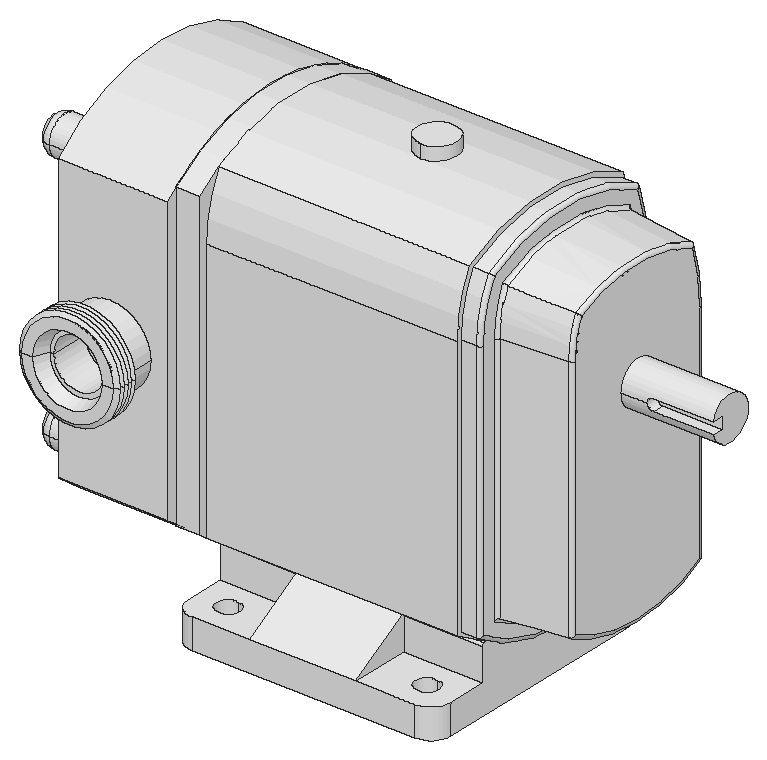
Revit family "MLP 20 - MR172 - Lobe Pump ", category Specialty Equipment, Revit 2022
Family settings
  Round Connector Dimension = Use Diameter
  Part Type = Normal
  Work Plane-Based = No
  Always vertical = Yes
  Cut with Voids When Loaded = No
  Maintain Annotation Orientation = No
  Shared = No
  Room Calculation Point = No
Parameters (values of type "MLP 20 - 1.1 kW")
  URL = "https://en.ekinendustriyel.com/lobe-pumps/lobe-pumps"
  Pressure = 20.0 bar  # constant formula
  Motor Power = 1.1 kW  # constant formula
  Model = "MLP-20 TUL - MR172"
  Manufacturer = "Ekin Endüstriyel"
  Keynote = "Double Serpentine Heater Tank"
  Flow = 2.0 m³/h  # constant formula
  Description = "MIT MLP 20 - Lobe Pump"
  Default Elevation = 0 mm
Reference planes
  plane 1 "Center (Front/Back)": y = 0
  plane 2: z = 0
  plane 3 "Center (Left/Right)": x = 0
Forms (mm)
  Extrusion 1, solid, material "Ekin Endüstriyel_StainlesSteel", detail levels medium+fine
    sketch origin (0, 0, 0) x (1, 0, 0) y (0, 1, 0)
      loop
        arc (-74.75, -55) -> (-71.821, -62.071) -> (-64.75, -65) r 10
        line (-64.75, -65) -> (47.25, -65)
        arc (47.25, -65) -> (54.321, -62.071) -> (57.25, -55) r 10
        line (57.25, -55) -> (57.25, 55)
        arc (57.25, 55) -> (54.321, 62.071) -> (47.25, 65) r 10
        line (47.25, 65) -> (-64.75, 65)
        arc (-64.75, 65) -> (-71.821, 62.071) -> (-74.75, 55) r 10
        line (-74.75, 55) -> (-74.75, -55)
      loop
        circle (-58.75, 50) r 6
      loop
        circle (41.25, 50) r 6
      loop
        circle (41.25, -50) r 6
      loop
        circle (-58.75, -50) r 6
    from 0 to 15
  Extrusion 2, solid, material "Ekin Endüstriyel_StainlesSteel", detail levels medium+fine
    sketch origin (0, 0, 0) x (0, 1, 0) y (0, 0, 1)
      loop
        arc (65, 198) -> (0, 223) -> (-65, 198) r 97
        line (-65, 198) -> (-65, 54)
        arc (-65, 54) -> (0, 29) -> (65, 54) r 97
        line (65, 54) -> (65, 198)
    from -77.25 to -132.25
  Extrusion 3, solid, material "Ekin Endüstriyel_StainlesSteel", detail levels medium+fine
    sketch origin (0, 0, 0) x (0, 1, 0) y (0, 0, 1)
      loop
        arc (-60, 49.783) -> (0, 29) -> (60, 49.783) r 97
        line (60, 49.783) -> (60, 202.217)
        arc (60, 202.217) -> (0, 223) -> (-60, 202.217) r 97
        line (-60, 202.217) -> (-60, 49.783)
    from -77.25 to -65.25
  Extrusion 4, solid, material "Ekin Endüstriyel_StainlesSteel", detail levels medium+fine
    sketch origin (0, 0, 0) x (0, 1, 0) y (0, 0, 1)
      loop
        arc (-48, 210.291) -> (-53.968, 195.324) -> (-56, 179.34) r 63.873
        line (-56, 179.34) -> (-56, 46.798)
        arc (-56, 46.798) -> (0, 29) -> (56, 46.798) r 97
        line (56, 46.798) -> (56, 169.858)
        arc (56, 169.858) -> (53.981, 190.467) -> (48, 210.291) r 106.175
        arc (48, 210.291) -> (0, 223) -> (-48, 210.291) r 97
    from -65.25 to 61.25
  Sweep 5, solid, material "Ekin Endüstriyel_StainlesSteel", detail levels medium+fine
    path in 3D
      loop
        arc (61.25, 48, 210.291) -> (61.25, 53.981, 190.467) -> (61.25, 56, 169.858) r 106.175
        line (61.25, 56, 169.858) -> (61.25, 56, 46.798)
        arc (61.25, 56, 46.798) -> (61.25, 0, 29) -> (61.25, -56, 46.798) r 97
        line (61.25, -56, 46.798) -> (61.25, -56, 179.34)
        arc (61.25, -56, 179.34) -> (61.25, -53.968, 195.324) -> (61.25, -48, 210.291) r 63.873
        arc (61.25, -48, 210.291) -> (61.25, 0, 223) -> (61.25, 48, 210.291) r 97
    profile origin (61.25, 0, 223) x (0, 0, 1) y (1, 0, 0)
      loop
        line (-2, 0) -> (-2, 8.017)
        arc (-2, 8.017) -> (-2.579, 9.414) -> (-3.976, 9.993) r 1.976
        line (-3.976, 9.993) -> (-10.369, 9.993)
        arc (-10.369, 9.993) -> (-11.568, 10.46) -> (-12.137, 11.614) r 1.775
        line (-12.137, 11.614) -> (-14.983, 44.141)
        arc (-14.983, 44.141) -> (-15.624, 45.441) -> (-16.975, 45.967) r 2
        line (-16.975, 45.967) -> (-20.9, 45.967) -> (-20.9, 14) -> (-20.9, 0) -> (-2, 0)
  Extrusion 6, solid, material "Ekin Endüstriyel_StainlesSteel", detail levels medium+fine
    sketch origin (0, 0, 0) x (0, 1, 0) y (0, 0, 1)
      loop
        arc (-32.156, 194.972) -> (-34.357, 187.294) -> (-35.1, 179.34) r 42.973
        line (-35.1, 179.34) -> (-35.1, 58.478)
        arc (-35.1, 58.478) -> (0, 49.9) -> (35.1, 58.478) r 76.1
        line (35.1, 58.478) -> (35.1, 169.858)
        arc (35.1, 169.858) -> (34.114, 182.788) -> (31.179, 195.419) r 85.275
        arc (31.179, 195.419) -> (-0.537, 202.098) -> (-32.156, 194.972) r 76.1
    from 61.25 to 107.217
  Revolve 7, solid, material "Ekin Endüstriyel_StainlesSteel", detail levels medium+fine
    sketch origin (0, 0, 60.254) x (1, 0, 0) y (0, 1, 0)
      loop
        line (-132.25, 49.796) -> (-148.846, 49.796)
        arc (-148.846, 49.796) -> (-150.797, 49.517) -> (-152.592, 48.703) r 6.969
        arc (-152.592, 48.703) -> (-156.06, 44.961) -> (-157.25, 40) r 10.079
        line (-157.25, 40) -> (-132.25, 40) -> (-132.25, 49.796)
      axis (-132.25, 40) -> (-157.25, 40)
    angle from 0 to 360
  Revolve 8, solid, material "Ekin Endüstriyel_StainlesSteel", detail levels medium+fine
    sketch origin (0, 0, 191.816) x (1, 0, 0) y (0, 1, 0)
      loop
        line (-132.25, 49.796) -> (-148.846, 49.796)
        arc (-148.846, 49.796) -> (-150.797, 49.517) -> (-152.592, 48.703) r 6.969
        arc (-152.592, 48.703) -> (-156.06, 44.961) -> (-157.25, 40) r 10.079
        line (-157.25, 40) -> (-132.25, 40) -> (-132.25, 49.796)
      axis (-132.25, 40) -> (-157.25, 40)
    angle from 0 to 360
  Revolve 9, solid, material "Ekin Endüstriyel_StainlesSteel", detail levels medium+fine
    sketch origin (0, 0, 60.254) x (1, 0, 0) y (0, 1, 0)
      loop
        line (-132.25, -49.796) -> (-132.25, -40) -> (-157.25, -40)
        arc (-157.25, -40) -> (-156.06, -44.961) -> (-152.592, -48.703) r 10.079
        arc (-152.592, -48.703) -> (-150.797, -49.517) -> (-148.846, -49.796) r 6.969
        line (-148.846, -49.796) -> (-132.25, -49.796)
      axis (-132.25, -40) -> (-157.25, -40)
    angle from 0 to 360
  Revolve 10, solid, material "Ekin Endüstriyel_StainlesSteel", detail levels medium+fine
    sketch origin (0, 0, 191.816) x (1, 0, 0) y (0, 1, 0)
      loop
        line (-132.25, -49.796) -> (-132.25, -40) -> (-157.25, -40)
        arc (-157.25, -40) -> (-156.06, -44.961) -> (-152.592, -48.703) r 10.079
        arc (-152.592, -48.703) -> (-150.797, -49.517) -> (-148.846, -49.796) r 6.969
        line (-148.846, -49.796) -> (-132.25, -49.796)
      axis (-132.25, -40) -> (-157.25, -40)
    angle from 0 to 360
  Extrusion 11, solid, material "Ekin Endüstriyel_StainlesSteel"
    sketch origin (-132.25, 0, 0) x (0, -1, 0) y (0, 0, 1)
      loop
        circle (0, 126) r 50
    from 0 to 10
  Extrusion 12, solid, material "Ekin Endüstriyel_StainlesSteel", detail levels fine
    sketch origin (107.25, 0, 153) x (0, 0, 1) y (0, 1, 0)
      loop
        circle (0, 0) r 11
    from -46.5 to 0.033
  Extrusion 13, void
    sketch origin (-21, 0, 0) x (1, 0, 0) y (0, 0, 1)
      loop
        line (174.75, 155.948) -> (144.778, 155.948)
        arc (144.778, 155.948) -> (141.778, 152.948) -> (144.778, 149.948) r 3
        line (144.778, 149.948) -> (174.75, 149.948) -> (174.75, 155.948)
    from 5 to 13.662
  Extrusion 14, solid, material "Ekin Endüstriyel_StainlesSteel", detail levels medium+fine
    sketch origin (0, 0, 0) x (0, 1, 0) y (0, 0, 1)
      loop
        line (65, 15) -> (31.591, 34.289)
        arc (31.591, 34.289) -> (0, 29) -> (-31.591, 34.289) r 97
        line (-31.591, 34.289) -> (-65, 15) -> (65, 15)
    from -35.862 to 17.347
  Extrusion 15, solid, material "Ekin Endüstriyel_StainlesSteel", detail levels medium+fine
    sketch origin (0, 0, 0) x (0, 1, 0) y (0, 0, 1)
      loop
        line (34.031, 32.88) -> (31.591, 34.289)
        arc (31.591, 34.289) -> (0, 29) -> (-31.591, 34.289) r 97
        line (-31.591, 34.289) -> (-34.032, 32.879)
        arc (-34.032, 32.879) -> (-34.741, 32.171) -> (-35, 31.203) r 1.936
        line (-35, 31.203) -> (-35, 15) -> (35, 15) -> (35, 31.202)
        arc (35, 31.202) -> (34.74, 32.171) -> (34.031, 32.88) r 1.937
    from -74.75 to 57.25
  Extrusion 16, solid, material "Ekin Endüstriyel_StainlesSteel", detail levels medium+fine
    sketch origin (0, 0, 0) x (1, 0, 0) y (0, 1, 0)
      loop
        circle (6.25, 0) r 10
    from 222.176 to 229
  Extrusion 17, solid, material "Ekin Endüstriyel_StainlesSteel", detail levels medium
    sketch origin (0, 0, 0) x (1, 0, 0) y (0, 0, -1)
      loop
        arc (-93.545, -123.144) -> (-106.245, -110.462) -> (-118.945, -123.144) r 12.7
        arc (-118.945, -123.144) -> (-106.245, -135.825) -> (-93.545, -123.144) r 12.7
      loop
        circle (-106.245, -123.137) r 25.218
    from 65 to 91.469
  Extrusion 18, solid, material "Ekin Endüstriyel_StainlesSteel", detail levels coarse+medium
    sketch origin (-132.25, 0, 0) x (0, -1, 0) y (0, 0, 1)
      loop
        circle (-40, 191.816) r 9.796
      loop
        circle (40, 191.816) r 9.796
      loop
        circle (40, 60.254) r 9.796
      loop
        circle (-40, 60.254) r 9.796
    from 0 to 25.637
  Extrusion 19, solid, material "Ekin Endüstriyel_StainlesSteel", detail levels coarse+medium
    sketch origin (107.25, 0, 153) x (0, 0, 1) y (0, 1, 0)
      loop
        circle (0, 0) r 11
    from -46.5 to 0.033
  Extrusion 20, solid, material "Ekin Endüstriyel_StainlesSteel", detail levels coarse
    sketch origin (0, 0, 0) x (0, 1, 0) y (0, 0, 1)
      loop
        arc (65, 198) -> (0, 223) -> (-65, 198) r 97
        line (-65, 198) -> (-65, 54)
        arc (-65, 54) -> (0, 29) -> (65, 54) r 97
        line (65, 54) -> (65, 198)
    from 107.217 to -132.25
  Extrusion 21, solid, material "Ekin Endüstriyel_StainlesSteel", detail levels coarse
    sketch origin (0, 0, 0) x (1, 0, 0) y (0, 0, -1)
      loop
        circle (-106.245, -123.125) r 25.218
    from 65 to 91.469
  Extrusion 22, solid, material "Ekin Endüstriyel_StainlesSteel", detail levels coarse
    sketch origin (0, 0, 0) x (1, 0, 0) y (0, 1, 0)
      loop
        arc (-74.75, -55) -> (-71.821, -62.071) -> (-64.75, -65) r 10
        line (-64.75, -65) -> (47.25, -65)
        arc (47.25, -65) -> (54.321, -62.071) -> (57.25, -55) r 10
        line (57.25, -55) -> (57.25, 55)
        arc (57.25, 55) -> (54.321, 62.071) -> (47.25, 65) r 10
        line (47.25, 65) -> (-64.75, 65)
        arc (-64.75, 65) -> (-71.821, 62.071) -> (-74.75, 55) r 10
        line (-74.75, 55) -> (-74.75, -55)
    from 0 to 15
  Extrusion 23, solid, material "Ekin Endüstriyel_StainlesSteel", detail levels coarse
    sketch origin (0, 0, 0) x (0, 1, 0) y (0, 0, 1)
      loop
        line (34.031, 32.88) -> (31.591, 34.289)
        arc (31.591, 34.289) -> (0, 29) -> (-31.591, 34.289) r 97
        line (-31.591, 34.289) -> (-34.032, 32.879)
        arc (-34.032, 32.879) -> (-34.741, 32.171) -> (-35, 31.203) r 1.936
        line (-35, 31.203) -> (-35, 15) -> (35, 15) -> (35, 31.202)
        arc (35, 31.202) -> (34.74, 32.171) -> (34.031, 32.88) r 1.937
    from -74.75 to 57.25
  Revolve 24, solid, material "Ekin Endüstriyel_StainlesSteel", detail levels fine
    sketch origin (0, 0, 123.125) x (1, 0, 0) y (0, 1, 0)
      loop
        line (-126.587, -65) -> (-126.587, -80.994) -> (-131.484, -80.994) -> (-129.459, -82.163) -> (-131.462, -83.32) -> (-129.457, -84.477) -> (-131.462, -85.635) -> (-129.459, -86.792) -> (-131.462, -87.948) -> (-129.459, -89.105) -> (-131.462, -90.262) -> (-129.372, -91.469) -> (-123.772, -91.469) -> (-121.234, -84.495) -> (-118.945, -84.495) -> (-118.945, -65) -> (-126.587, -65)
      axis (-106.245, -65) -> (-106.245, -91.469)
    angle from 0 to 360
  Extrusion 25, solid, material "Ekin Endüstriyel_StainlesSteel", detail levels medium
    sketch origin (0, 0, 0) x (1, 0, 0) y (0, 0, 1)
      loop
        circle (-106.245, 123.125) r 12.7
      loop
        circle (-106.245, 123.137) r 25.218
    from 65 to 91.469
  Extrusion 26, solid, material "Ekin Endüstriyel_StainlesSteel", detail levels coarse
    sketch origin (0, 0, 0) x (1, 0, 0) y (0, 0, 1)
      loop
        circle (-106.245, 123.125) r 25.218
    from 65 to 91.469
  Revolve 27, solid, material "Ekin Endüstriyel_StainlesSteel", detail levels fine
    sketch origin (0, 0, 123.125) x (1, 0, 0) y (0, 1, 0)
      loop
        line (-126.587, 65) -> (-118.945, 65) -> (-118.945, 84.495) -> (-121.234, 84.495) -> (-123.772, 91.469) -> (-129.372, 91.469) -> (-131.462, 90.262) -> (-129.459, 89.105) -> (-131.462, 87.948) -> (-129.459, 86.792) -> (-131.462, 85.635) -> (-129.457, 84.477) -> (-131.462, 83.32) -> (-129.459, 82.163) -> (-131.484, 80.994) -> (-126.587, 80.994) -> (-126.587, 65)
      axis (-106.245, 65) -> (-106.245, 91.469)
    angle from 0 to 360
Cuts and joins
  joined: Sweep 5, Extrusion 6
  Extrusion 13 cuts Extrusion 12
  joined: Extrusion 3, Extrusion 4, Extrusion 16
  joined: Extrusion 1, Extrusion 14, Extrusion 15
Lines and regions (mm)
  sketch lines
    curve 1: arc (61.25, -48, 210.291) -> (61.25, 0, 223) -> (61.25, 48, 210.291) r 97
    curve 2: arc (61.25, -56, 179.34) -> (61.25, -53.968, 195.324) -> (61.25, -48, 210.291) r 63.873
    curve 3: line (61.25, -56, 179.34) -> (61.25, -56, 46.798)
    curve 4: arc (61.25, 56, 46.798) -> (61.25, 0, 29) -> (61.25, -56, 46.798) r 97
    curve 5: line (61.25, 56, 46.798) -> (61.25, 56, 169.858)
    curve 6: arc (61.25, 48, 210.291) -> (61.25, 53.981, 190.467) -> (61.25, 56, 169.858) r 106.175
Dimensions and locks
  aligned and locked: level to plane 2
Connectors
  piping at (-106.245, 91.469, 123.144), diameter 25.4
    settings: on Extrusion 17, index 2, connector inside diameter 609.6 mm, connector length 0 mm, flow factor 0, pipe flow 0.0 m³/h, pressure drop 0.0 bar, fitting loss kfactor 0, connector angle 0.00°, fixture units 0, engagement length 0 mm, angle of deflection 0.00°, flow configuration 0, flow direction 0, fitting loss method 0, system type 7, joint type 0, gender type 0, connector reference index -1, connector utility 0, adjustable connector no, is connector primary yes, connector description ""
  piping at (-106.245, -91.469, 123.125), diameter 25.4
    settings: on Extrusion 25, index 3, connector inside diameter 609.6 mm, connector length 0 mm, flow factor 0, pipe flow 0.0 m³/h, pressure drop 0.0 bar, fitting loss kfactor 0, connector angle 0.00°, fixture units 0, engagement length 0 mm, angle of deflection 0.00°, flow configuration 0, flow direction 0, fitting loss method 0, system type 7, joint type 0, gender type 0, connector reference index -1, connector utility 0, adjustable connector no, is connector primary no, connector description ""
